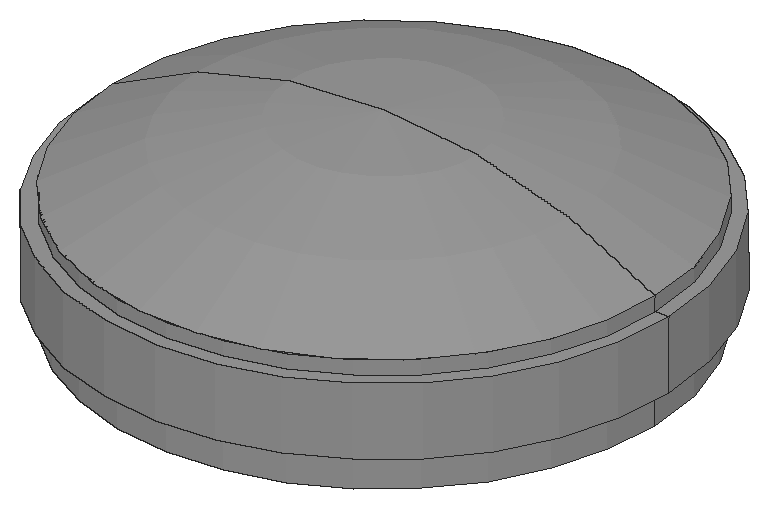
Revit family "3032874 Sylvania_Giotto 335 LED_Surface Mounted", category Lighting Fixtures, host Face, Revit 2017
Family settings
  Host = Face
  Round Connector Dimension = Use Diameter
  Part Type = Normal
  OmniClass Number = 23.80.70.11.17
  OmniClass Title = Specialized Lighting by Location or Use
  Cut with Voids When Loaded = No
  Light Source = Yes
  Shared = No
  Room Calculation Point = No
Parameters (values of type "Giotto335 sur ww DALI 3032874")
  Diameter = 335.0 mm
  Weight = 1.44 kg  # constant formula
  Wattage = 17.4088 W
  built-in parameter 1150110 = 1 (stored number, unit not read)
  Voltage Comments = "UNV (Universal Voltage; 220-240 Volt)"  # constant formula
  Voltage = 230 V  # constant formula
  URL = "http://www.sylvania-lighting.com"
  built-in parameter 1114217 = 1 (stored number, unit not read)
  Tilt Angle = -90°
  built-in parameter 1150109 = 1 (stored number, unit not read)
  built-in parameter 1150134 = (empty or 0)
  built-in parameter 1150113 = 1 (stored number, unit not read)
  Product Page URL = "http://www.sylvania-lighting.com/product/en-int/products/3032874"
  Product Family = "GIOTTO 335 LED - SURFACE MOUNTED"  # constant formula
  Photometry Comments = ""
  Photometric Web File = "3032874_GiottoLED33525WSurfaceMountedWarmWhiteDALI-121678.ies"
  Life = "50 000 h"  # constant formula
  IP Rating = "IP44"  # constant formula
  IK Rating = "IK10"  # constant formula
  Emit from Circle Diameter = Diameter - 16.0 mm  # 319.0 mm
  Emit Shape Visible in Rendering = no
  Electrical Protection = "CLASS II"  # constant formula
  Drive Current = "700 mA"  # constant formula
  Diffuser Material = Polycarbonate_Sylvania_Giotto_Opal
  Height = 110.0 mm
  built-in parameter 1114216 [instance] = 1 (stored number, unit not read)
  Model = "Giotto335 sur ww DALI"
  Manufacturer = "Feilo Sylvania"
  built-in parameter 1150105 = 420.31 (stored number, unit not read)
  Lumens = 1384 lm
  built-in parameter 1150115 = 1 (stored number, unit not read)
  built-in parameter 1150137 = (empty or 0)
  built-in parameter 1150139 = (empty or 0)
  built-in parameter 1150112 = 1 (stored number, unit not read)
  built-in parameter 1150114 = 1 (stored number, unit not read)
  Lamp Comments = "Integrated LED"  # constant formula
  Lamp = "19W"
  built-in parameter 1150132 = 2
  built-in parameter 1150102 = (empty or 0)
  built-in parameter 1150107 = 3000 (stored number, unit not read)
  built-in parameter 1150138 = (empty or 0)
  built-in parameter 1150106 = 4.2031 (stored number, unit not read)
  Body Material = Polycarbonate_Sylvania_Giotto_White
  built-in parameter 1150104 = 7.3858 (stored number, unit not read)
  Dimming Lamp Color Temperature Shift = <None>
  Description = "Surface or recessed mount versions available. Ideal for general lighting in public areas. Microwave presence detection versions. 3 hour emergency light versions with integrated gear. Up to 1200lm neutral white"  # constant formula
  Default Elevation = 0.0 mm
  Color Filter = 16777215
  Catalog Number = "3032874 Giotto335 sur ww DALI"
  built-in parameter 1140040 [instance] = 1
  built-in parameter 1114218 = 1 (stored number, unit not read)
  built-in parameter 1150133 = 10 (stored number, unit not read)
  Assembly Code = "D5020200"
  Apparent Load Comments = ""
  Apparent Load = 19 VA
Reference planes
  plane 1 "Center (Front/Back)": y = 0
  plane 2: z = 0
  plane 3 "Center (Left/Right)": x = 0
  plane 4 "Fixture Left": x = -167.5
  plane 5 "Fixture Right": x = 167.5
  plane 6 "Fixture Top": z = 110
  plane 7 "Difuser Left": x = -159.5
  plane 8 "Difuser Right": x = 159.5
  plane 9 "Brace Top": z = 60
  plane 10 "Brace Bottom": z = 20
Forms (mm)
  Revolve 1, solid, material "Polycarbonate_Sylvania_Giotto_White" <- "Body Material", detail levels fine
    sketch origin (0, 0, 0) x (1, 0, 0) y (0, 0, 1)
      loop
        line (0, 0) -> (0, 60) -> (-167.5, 60) -> (-167.5, 20) -> (-159.5, 20) -> (-159.5, 0) -> (0, 0)
      axis (0, 60) -> (0, 0)
    angle from 0 to 360
  Revolve 2, solid, material "Polycarbonate_Sylvania_Giotto_Opal" <- "Diffuser Material", detail levels fine
    sketch origin (0, 0, 0) x (1, 0, 0) y (0, 0, 1)
      loop
        line (-159.5, 68) -> (-159.5, 60) -> (0, 60) -> (0, 110)
        arc (0, 110) -> (-82.697, 100.193) -> (-159.5, 68) r 299.575
      axis (0, 110) -> (0, 60)
    angle from 0 to 360
  Revolve 3, solid, material "Polycarbonate_Sylvania_Giotto_White" <- "Body Material", detail levels coarse+medium
    sketch origin (0, 0, 0) x (1, 0, 0) y (0, 0, 1)
      loop
        line (-159.5, 68) -> (-159.5, 60) -> (-167.5, 60) -> (-167.5, 20) -> (-159.5, 20) -> (-159.5, 0) -> (0, 0) -> (0, 110)
        arc (0, 110) -> (-82.697, 100.193) -> (-159.5, 68) r 299.575
      axis (0, 110) -> (0, 0)
    angle from 0 to 360
Dimensions and locks
  equal spacing: plane 5 "Fixture Right", plane 3 "Center (Left/Right)", plane 4 "Fixture Left"
  "Diameter": plane 5 "Fixture Right" to plane 4 "Fixture Left"
  "Height": plane 6 "Fixture Top" to plane 2
  locked: plane 7 "Difuser Left" to plane 4 "Fixture Left" at 8
  locked: plane 5 "Fixture Right" to plane 8 "Difuser Right" at 8
  locked: Revolve 2 sketch curve to plane 9 "Brace Top" at 8
  locked: Revolve 3 sketch curve to plane 9 "Brace Top" at 8
  plane 6 "Fixture Top" to plane 9 "Brace Top" to plane 10 "Brace Bottom" = 50.0 mm locked, 40.0 mm locked
  aligned and locked: plane 2 to host face
  aligned and locked: level to host face
  aligned and locked: plane 1 "Center (Front/Back)" to imposter light
  aligned and locked: plane 2 to Revolve 1 sketch curve
  aligned and locked: plane 4 "Fixture Left" to Revolve 1 sketch curve
  aligned and locked: plane 7 "Difuser Left" to Revolve 1 sketch curve
  aligned and locked: plane 10 "Brace Bottom" to Revolve 1 sketch curve
  aligned and locked: Revolve 1 sketch curve to plane 9 "Brace Top"
  aligned and locked: Revolve 1 sketch curve to plane 3 "Center (Left/Right)"  (x2)
  aligned and locked: Revolve 2 sketch curve to plane 7 "Difuser Left"
  aligned and locked: Revolve 2 sketch curve to plane 9 "Brace Top"
  aligned and locked: Revolve 2 sketch curve to plane 3 "Center (Left/Right)"  (x2)
  aligned and locked: plane 6 "Fixture Top" to Revolve 2 sketch curve
  aligned and locked: Revolve 3 sketch curve to plane 3 "Center (Left/Right)"  (x2)
  aligned and locked: Revolve 3 sketch curve to plane 7 "Difuser Left"  (x2)
  aligned and locked: Revolve 3 sketch curve to plane 4 "Fixture Left"
  aligned and locked: Revolve 3 sketch curve to plane 10 "Brace Bottom"
  aligned and locked: Revolve 3 sketch curve to plane 2
  aligned and locked: plane 3 "Center (Left/Right)" to imposter light
  aligned and locked: imposter light to plane 6 "Fixture Top"
Automatic sketch dimensions
  host sketch curve to host sketch curve = 1305.563 mm
  host sketch curve to host sketch curve = 1283.632 mm
  Revolve 1 sketch curve to level = 61.8 mm
  Revolve 1 sketch curve to plane 6 "Fixture Top" = 6.8 mm
  Revolve 2 sketch curve to plane 3 "Center (Left/Right)" = 6.413 mm
  plane 10 "Brace Bottom" to Revolve 2 sketch curve = 9.973 mm
  plane 6 "Fixture Top" to Revolve 2 sketch curve = 84.973 mm
  Revolve 3 sketch curve to plane 9 "Brace Top" = 0.0 mm
  Revolve 3 sketch curve to plane 6 "Fixture Top" = 0.0 mm
  Revolve 3 sketch curve to plane 3 "Center (Left/Right)" = 6.413 mm
  Revolve 3 sketch curve to level = 88.4 mm
  plane 6 "Fixture Top" to Revolve 3 sketch curve = 81.6 mm
Connectors
  electrical at (0, 0, 0), driven by "Voltage", driven by "Apparent Load"
    settings: on Revolve 1, index 1, voltage 230 V, apparent load 0 VA, apparent load phase1 19 VA, apparent load phase2 0 VA, apparent load phase3 0 VA, power factor 1, load classification "Lighting", number of poles 1, system type 31, power factor state 1, is connector primary yes, connector utility no, sub classification motor no, connector description ""
